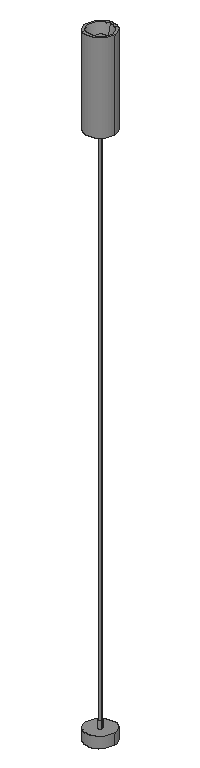
Revit family "2061004 Sylvania Lighting Fixture TubiXx LED pendant 3000K white-black", category Lighting Fixtures, host Face, Revit 2016
Family settings
  Host = Face
  Part Type = Normal
  Round Connector Dimension = Use Diameter
  OmniClass Number = 23.80.70.00
  OmniClass Title = Lighting
  Cut with Voids When Loaded = No
  Light Source = Yes
  Shared = No
  Room Calculation Point = No
Parameters (values of type "2061004 TUBIXX LED PENDANT 3000K WHITE-BLACK")
  Weight = "n/a"
  Wattage Comments = ""
  Wattage = 9.2903 W
  WarrantyStartDate [instance] = "n/a"
  WarrantyGuarantorParts = "n/a"
  WarrantyDurationUnit = "n/a"
  WarrantyDurationParts = ""
  WarrantyDescription = "http://www.sylvania-lighting.com"
  built-in parameter 1150110 = 1 (stored number, unit not read)
  Voltage = 0 V
  URL = "0.95"
  TypeName = "TubiXx LED pendant 3000K white-black"
  Type Image = <None>
  Type Comments = "n/a"
  Tube Length = 250 mm
  Tube Diameter = 80 mm
  built-in parameter 1114217 = 1 (stored number, unit not read)
  Tilt Angle = 90.00°
  built-in parameter 1150109 = 1 (stored number, unit not read)
  built-in parameter 1150134 = 3
  built-in parameter 1150113 = 1 (stored number, unit not read)
  SerialNumber [instance] = "n/a"
  Recess Depth = 28.015 mm
  Photometric Web File = "2061004.ies"
  Material_3_FEILO = none
  PowerFactor = 0
  PowerConsumption = "Lighting"
  NominalLength = 0 mm
  NominalHeight = 0 mm
  NominalDepth = 0 mm
  Name = "TubiXx LED pendant 3000K white-black"
  ModelReference = Name  # "TubiXx LED pendant 3000K white-black"
  ModelNumber = "2061004"
  Model = Name  # "TubiXx LED pendant 3000K white-black"
  Material = "Feilo Sylvania"
  ManufacturerName = "89 lm/W"
  Manufacturer = ""
  LuminousEfficacy = ""
  built-in parameter 1150105 = 109.82 (stored number, unit not read)
  Lumens = 1380 lm
  LuminaireType = "0"
  built-in parameter 1150115 = 1 (stored number, unit not read)
  LightOutputRatio = "LED"
  built-in parameter 1150137 = (empty or 0)
  built-in parameter 1150139 = (empty or 0)
  LampsType = Lamp  # "n/a"
  LampNominalLuminous = "3000 K"
  LampMacAdamStep = "92"
  LampColourTemperature = "LED"
  LampColourRenderingIndex = "16500"
  built-in parameter 1150112 = 1 (stored number, unit not read)
  built-in parameter 1150114 = 1 (stored number, unit not read)
  Lamp = "n/a"
  Keynote = "n/a"
  InstallationDate [instance] = "n/a"
  InputVoltage = "0"
  InputNominalFrequency = "3000"
  built-in parameter 1150132 = (empty or 0)
  built-in parameter 1150102 = (empty or 0)
  built-in parameter 1150107 = 3200 (stored number, unit not read)
  built-in parameter 1150138 = (empty or 0)
  IngressProtection = "IfcLightFixtureType"
  ImpactProtectionIndex = "IfcLightFixtureType"
  built-in parameter 1150106 = 1.0982 (stored number, unit not read)
  IfcExportType = "IfcLightFixtureType"
  IfcExportAs = "Class I"
  ExpectedLife = 50000
  Emit from Circle Diameter = 609.6 mm
  Emit Shape Visible in Rendering = no
  ElectricShockClassification = "89"
  built-in parameter 1150104 = 13.8 (stored number, unit not read)
  DurationUnit = "hours"
  DocumentationLiterature = "http://www.sylvania-lighting.com/product/en-int/products/2061004"
  DimmingControlOptions = "n/a"
  Material_2_FEILO = none
  Dimming Lamp Color Temperature Shift = <None>
  Description = "TubiXx LED Pendant is a decorative pendant fixture with integrated driver, equipped with an integrated non-dimmable LED driver, White finish with Black reflector, colour temperature 3000K, 14W, 1243lm, 89lm/W, IP20, IK02, Class I. Dimensions 250mmx80mm."
  Default Elevation = 1219.2 mm
  CreatedOn = "22/11/2019"
  CreatedBy = "@sylvania-lighting.com"
  Cost = 0
  Color Filter = 16777215
  built-in parameter 1114216 [instance] = (empty or 0)
  ClassificationValue = "EF_70_80"
  ClassificationName = "Uniclass2015"
  Material_1_FEILO = none
  Ceiling Rose Depth = 30 mm
  Cable Length = 1500 mm
  BarCode [instance] = "n/a"
  built-in parameter 1114218 = 1 (stored number, unit not read)
  built-in parameter 1150133 = 10 (stored number, unit not read)
  AssetType = "Fixed"
  AssetIdentifier [instance] = "n/a"
  Assembly Code = "D5020200"
  Apparent Load = 14 VA
  Material_4_FEILO = none
Reference planes
  plane 1 "Center (Front/Back)": y = 0
  plane 2: z = 0
  plane 3 "Center (Left/Right)": x = 0
  plane 4: x = 40
  plane 5: x = -40
  plane 6: y = 40
  plane 7: y = -40
  plane 8: z = 0
  plane 9: z = 30.144
  plane 10: z = 1530.144
  plane 11: z = 1752.129
  plane 12: z = 1780.144
Forms (mm)
  Extrusion 1, solid, material "Aluminum", detail levels medium+fine
    sketch origin (4.2, 0, 0) x (1, 0, 0) y (0, 1, 0)
      loop
        circle (-4.2, 0) r 40
    from 1530.144 to 1780.144
  Blend 2, void
    base sketch origin (4.2, 0, 0) x (0, 1, 0) y (-1, 0, 0)
      loop
        circle (0, 4.2) r 25
    top sketch origin (4.2, 0, 0) x (0, 1, 0) y (-1, 0, 0)
      loop
        circle (0, 4.2) r 34
    from 1752.144 to 1780.144
  Extrusion 3, solid, material "Plastic, Opaque Black", detail levels fine
    sketch origin (3.621, -0.001, 1239.938) x (0, 1, 0) y (1, 0, 0)
      loop
        circle (0.002, -3.635) r 6
    from -290.206 to -270.206
  Extrusion 4, solid, detail levels coarse
    sketch origin (4.25, 0.033, 1530.144) x (0, 1, 0) y (1, 0, 0)
      loop
        line (39.967, 35.75) -> (-40.071, 35.75) -> (-40.071, -44.142) -> (39.967, -44.142) -> (39.967, 35.75)
    from -250 to 1530.144
  Extrusion 5, solid, material "Glass, White, High Luminance", detail levels fine
    sketch origin (4.2, 0, 1752.144) x (0, 1, 0) y (-1, 0, 0)
      loop
        circle (0.004, 4.166) r 25.024
    from 0 to 2
  Extrusion 6, solid, material "Fabric", detail levels medium+fine
    sketch origin (3.621, -0.001, 1219.938) x (-1, 0, 0) y (0, 1, 0)
      loop
        circle (3.63, 0.003) r 3.5
    from -310.206 to 1189.938
  Extrusion 7, solid, material "Plastic, Opaque Black", detail levels fine
    sketch origin (4.2, 0, 30) x (1, 0, 0) y (0, 1, 0)
      loop
        circle (-4.215, 0.002) r 6
    from 0 to 20
  Extrusion 8, solid, material "Aluminum", detail levels medium+fine
    sketch origin (4.2, 0, 0) x (1, 0, 0) y (0, 1, 0)
      loop
        circle (-4.2, 0) r 40
    from 0 to 30
Cuts and joins
  Blend 2 cuts Extrusion 1
Dimensions and locks
  "Tube Diameter": plane 5 to plane 4
  equal spacing: plane 5, plane 3 "Center (Left/Right)", plane 4, locked at 40 each
  "Tube Diameter": plane 6 to plane 7
  equal spacing: plane 6, plane 1 "Center (Front/Back)", plane 7, locked at 40 each
  "Cable Length": plane 10 to plane 9
  "Recess Depth": plane 12 to plane 11
  "Tube Length": plane 12 to plane 10
  aligned and locked: plane 2 to host face
  aligned and locked: level to host face
  aligned and locked: Extrusion 4 to cut or joined group of Extrusion 1, Blend 2
Automatic sketch dimensions
  host sketch curve to host sketch curve = 2438.4 mm  (x2)
  plane 1 "Center (Front/Back)" to Extrusion 1 sketch curve = 0 mm
  Extrusion 1 sketch curve to plane 3 "Center (Left/Right)" = 0 mm
  plane 1 "Center (Front/Back)" to Blend 2 sketch curve = 0 mm  (x2)
  Blend 2 sketch curve to plane 3 "Center (Left/Right)" = 0 mm  (x2)
  Extrusion 4 sketch curve to Extrusion 4 sketch curve = 80.038 mm
  Extrusion 4 sketch curve to Extrusion 4 sketch curve = 79.892 mm
  Extrusion 7 sketch curve to plane 1 "Center (Front/Back)" = 0.002 mm
  Extrusion 7 sketch curve to plane 3 "Center (Left/Right)" = 0.015 mm
  plane 1 "Center (Front/Back)" to Extrusion 8 sketch curve = 0 mm
  Extrusion 8 sketch curve to plane 3 "Center (Left/Right)" = 0 mm
  radius of Extrusion 1 sketch curve = 40 mm
  radius of Blend 2 sketch curve = 25 mm
  radius of Blend 2 sketch curve = 34 mm
  radius of Extrusion 3 sketch curve = 6 mm
  radius of Extrusion 5 sketch curve = 25.024 mm
  radius of Extrusion 6 sketch curve = 3.5 mm
  radius of Extrusion 7 sketch curve = 6 mm
  radius of Extrusion 8 sketch curve = 40 mm
Connectors
  electrical at (0, 0, 0)
    settings: on Extrusion 8, index 1, voltage 0 V, apparent load 0 VA, apparent load phase1 0 VA, apparent load phase2 0 VA, apparent load phase3 0 VA, power factor 1, load classification "Other", number of poles 1, system type 31, power factor state 1, is connector primary yes, connector utility no, sub classification motor no, connector description ""
